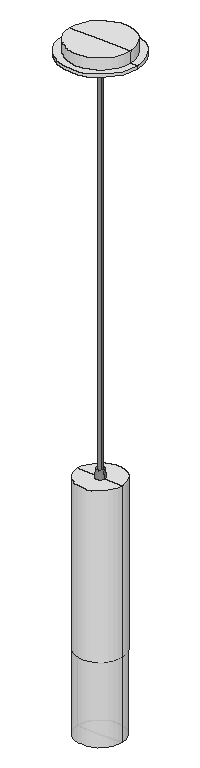
Revit family "3-654-xxx OPUS pendant", category Lighting Fixtures, host Ceiling, Revit 2018
Family settings
  Host = Ceiling
  Round Connector Dimension = Use Diameter
  Part Type = Normal
  OmniClass Number = 23.80.70.11
  OmniClass Title = Luminaries for Internal Lighting
  Always vertical = Yes
  Cut with Voids When Loaded = No
  Light Source = Yes
  Shared = No
  Room Calculation Point = No
Parameters (values of type "3-654-114 / Polished Chrome - Matte Opal Glass")
  Wattage Comments = "6.72 W at 120 V"
  Wattage = 6.72 W
  built-in parameter 1150110 = 1 (stored number, unit not read)
  Voltage = 120 V
  URL = "www.oxygenlighting.com"
  built-in parameter 1114217 = 1 (stored number, unit not read)
  Tilt Angle = 90.00°
  built-in parameter 1150109 = 1 (stored number, unit not read)
  built-in parameter 1150134 = (empty or 0)
  Suspension Length [instance] = 30.00"
  built-in parameter 1150113 = 1 (stored number, unit not read)
  Supplied with = "Supplied with 8 ft of braided cord"  # constant formula
  References = "Ref. 3=120 V / Ref. 37= 277 V"  # constant formula
  Photometric Web File = "3-654-114 Opus Pendant.ies"
  Other 1 = Braided Cord
  Model = "3-654-xxx / 37-654-xxx - OPUS pendant"  # constant formula
  Metal Finish = 14 - Polished Chrome
  Manufacturer = "Oxygen Lighting"  # constant formula
  Main Diffuser = White Opal Glass
  Lumens = 411.936 lm
  built-in parameter 1150115 = 1 (stored number, unit not read)
  built-in parameter 1150105 = 32.781 (stored number, unit not read)
  built-in parameter 1150137 = (empty or 0)
  built-in parameter 1150139 = (empty or 0)
  built-in parameter 1150112 = 1 (stored number, unit not read)
  built-in parameter 1150114 = 1 (stored number, unit not read)
  Lamp = "LED Array"  # constant formula
  Input Voltage = "120 V or 277 V 50/60 Hz"  # constant formula
  built-in parameter 1150132 = (empty or 0)
  built-in parameter 1150102 = (empty or 0)
  built-in parameter 1150138 = (empty or 0)
  built-in parameter 1150107 = 3000 (stored number, unit not read)
  built-in parameter 1150106 = 0.32781 (stored number, unit not read)
  built-in parameter 1150104 = 5.695 (stored number, unit not read)
  Dimming Lamp Color Temperature Shift = <None>
  Color Filter = 16777215
  built-in parameter 1114218 = 1 (stored number, unit not read)
  built-in parameter 1150133 = 10 (stored number, unit not read)
Types (17): name | Wattage Comments | Wattage | Voltage | Photometric Web File | Metal Finish | Main Diffuser | Lumens | built-in parameter 1150105 | built-in parameter 1150106 | built-in parameter 1150104
  (no name) | "6.72 W at 120 V" | 6.72 W | 120 V | "3-654-114 Opus Pendant.ies" | 14 - Polished Chrome | White Opal Glass | 411.936 lm | 32.781 (stored number, unit not read) | 0.32781 (stored number, unit not read) | 5.695 (stored number, unit not read)
  3-654-114 / Polished Chrome - Matte Opal Glass | "6.72 W at 120 V" | 6.72 W | 120 V | "3-654-114 Opus Pendant.ies" | 14 - Polished Chrome | White Opal Glass | 411.936 lm | 32.781 (stored number, unit not read) | 0.32781 (stored number, unit not read) | 5.695 (stored number, unit not read)
  37-654-114 / Polished Chrome - Matte Opal Glass | "6.72 W at 120 V" | 6.72 W | 277 V | "3-654-114 Opus Pendant.ies" | 14 - Polished Chrome | White Opal Glass | 411.936 lm | 32.781 (stored number, unit not read) | 0.32781 (stored number, unit not read) | 5.695 (stored number, unit not read)
  3-654-124 / Satin Nickel - Matte Opal Glass | "6.72 W at 120 V" | 6.72 W | 120 V | "3-654-114 Opus Pendant.ies" | 24 - Satin Nickel | White Opal Glass | 411.936 lm | 32.781 (stored number, unit not read) | 0.32781 (stored number, unit not read) | 5.695 (stored number, unit not read)
  37-654-124 / Satin Nickel - Matte Opal Glass | "6.72 W at 120 V" | 6.72 W | 277 V | "3-654-114 Opus Pendant.ies" | 24 - Satin Nickel | White Opal Glass | 411.936 lm | 32.781 (stored number, unit not read) | 0.32781 (stored number, unit not read) | 5.695 (stored number, unit not read)
  3-654-125 / Satin Cooper - Matte Opal Glass | "6.72 W at 120 V" | 6.72 W | 120 V | "3-654-114 Opus Pendant.ies" | 25 - Satin Copper | White Opal Glass | 411.936 lm | 32.781 (stored number, unit not read) | 0.32781 (stored number, unit not read) | 5.695 (stored number, unit not read)
  37-654-125 / Satin Cooper - Matte Opal Glass | "6.72 W at 120 V" | 6.72 W | 277 V | "3-654-114 Opus Pendant.ies" | 25 - Satin Copper | White Opal Glass | 411.936 lm | 32.781 (stored number, unit not read) | 0.32781 (stored number, unit not read) | 5.695 (stored number, unit not read)
  3-654-140 / Aged Brass - Matte Opal Glass | "6.72 W at 120 V" | 6.72 W | 120 V | "3-654-114 Opus Pendant.ies" | 40 - Aged Brass | White Opal Glass | 411.936 lm | 32.781 (stored number, unit not read) | 0.32781 (stored number, unit not read) | 5.695 (stored number, unit not read)
  37-654-140 / Aged Brass - Matte Opal Glass | "6.72 W at 120 V" | 6.72 W | 277 V | "3-654-114 Opus Pendant.ies" | 40 - Aged Brass | White Opal Glass | 411.936 lm | 32.781 (stored number, unit not read) | 0.32781 (stored number, unit not read) | 5.695 (stored number, unit not read)
  3-654-14 / Polished Chrome - Matte White Acrylic | "6.69 W at 120 V" | 6.69 W | 120 V | "3-654-14 Opus Pendant.ies" | 14 - Polished Chrome | Matte White Acrylic | 398.724 lm | 31.729 (stored number, unit not read) | 0.31729 (stored number, unit not read) | 5.537 (stored number, unit not read)
  37-654-14 / Polished Chrome - Matte White Acrylic | "6.69 W at 120 V" | 6.69 W | 277 V | "3-654-14 Opus Pendant.ies" | 14 - Polished Chrome | Matte White Acrylic | 398.724 lm | 31.729 (stored number, unit not read) | 0.31729 (stored number, unit not read) | 5.537 (stored number, unit not read)
  3-654-24 / Satin Nickel - Matte White Acrylic | "6.69 W at 120 V" | 6.69 W | 120 V | "3-654-14 Opus Pendant.ies" | 24 - Satin Nickel | Matte White Acrylic | 398.724 lm | 31.729 (stored number, unit not read) | 0.31729 (stored number, unit not read) | 5.537 (stored number, unit not read)
  37-654-24 / Satin Nickel - Matte White Acrylic | "6.69 W at 120 V" | 6.69 W | 277 V | "3-654-14 Opus Pendant.ies" | 24 - Satin Nickel | Matte White Acrylic | 398.724 lm | 31.729 (stored number, unit not read) | 0.31729 (stored number, unit not read) | 5.537 (stored number, unit not read)
  3-654-25 / Satin Cooper - Matte White Acrylic | "6.69 W at 120 V" | 6.69 W | 120 V | "3-654-14 Opus Pendant.ies" | 25 - Satin Copper | Matte White Acrylic | 398.724 lm | 31.729 (stored number, unit not read) | 0.31729 (stored number, unit not read) | 5.537 (stored number, unit not read)
  37-654-25 / Satin Cooper - Matte White Acrylic | "6.69 W at 120 V" | 6.69 W | 277 V | "3-654-14 Opus Pendant.ies" | 25 - Satin Copper | Matte White Acrylic | 398.724 lm | 31.729 (stored number, unit not read) | 0.31729 (stored number, unit not read) | 5.537 (stored number, unit not read)
  3-654-40 / Aged Brass - Matte White Acrylic | "6.69 W at 120 V" | 6.69 W | 120 V | "3-654-14 Opus Pendant.ies" | 40 - Aged Brass | Matte White Acrylic | 398.724 lm | 31.729 (stored number, unit not read) | 0.31729 (stored number, unit not read) | 5.537 (stored number, unit not read)
  37-654-40 / Aged Brass - Matte White Acrylic | "6.69 W at 120 V" | 6.69 W | 277 V | "3-654-14 Opus Pendant.ies" | 40 - Aged Brass | Matte White Acrylic | 398.724 lm | 31.729 (stored number, unit not read) | 0.31729 (stored number, unit not read) | 5.537 (stored number, unit not read)
Reference planes (in)
  plane 1 "Light Source Axis (F/B)": y = 0
  plane 2 "Ceiling": z = 96
  plane 3 "Light Source Axis (L/R)": x = 0
  plane 4 "Light Source Elevation": z = 47.4
  plane 5: z = 66
Forms (in)
  Revolve 1, solid, material "14 - Polished Chrome" <- "Metal Finish"
    sketch origin (0, 0, 0) x (1, 0, 0) y (0, 0, 1)
      loop
        line (0, 96) -> (0, 94.98) -> (2.92, 94.98) -> (2.92, 95.19) -> (2.36, 95.19) -> (2.36, 96) -> (0, 96)
      axis (0, 96) -> (0, 94.98)
    angle from 0 to 360
  Revolve 2, solid, material "Braided Cord" <- "Other 1"
    sketch origin (0, 0, 0) x (1, 0, 0) y (0, 0, 1)
      loop
        line (0, 94.98) -> (0, 94.51) -> (0.20216, 94.51) -> (0.28503, 94.98) -> (0, 94.98)
      axis (0, 94.98) -> (0, 94.51)
    angle from 0 to 360
  Revolve 3, solid, material "Braided Cord" <- "Other 1"
    sketch origin (0, 0, 0) x (1, 0, 0) y (0, 0, 1)
      loop
        line (0, 94.51) -> (0, 66) -> (0.14831, 66) -> (0.14831, 94.51) -> (0, 94.51)
      axis (0, 94.51) -> (0, 66)
    angle from 0 to 360
  Revolve 4, solid, material "Braided Cord" <- "Other 1"
    sketch origin (0, 0, -4.75) x (1, 0, 0) y (0, 0, 1)
      loop
        line (0, 70.75) -> (0, 70.15) -> (0.32735, 70.15) -> (0.26444, 70.75) -> (0, 70.75)
      axis (0, 70.75) -> (0, 70.15)
    angle from 0 to 360
  Revolve 5, solid, material "14 - Polished Chrome" <- "Metal Finish"
    sketch origin (0, 0, -4.75) x (1, 0, 0) y (0, 0, 1)
      loop
        line (0, 70.15) -> (0, 58.15) -> (1.74, 58.15) -> (1.74, 70.15) -> (0, 70.15)
      axis (0, 70.15) -> (0, 58.15)
    angle from 0 to 360
  Revolve 6, solid, material "White Opal Glass" <- "Main Diffuser"
    sketch origin (0, 0, -4.75) x (1, 0, 0) y (0, 0, 1)
      loop
        line (0, 58.15) -> (0, 52.15) -> (1.74, 52.15) -> (1.74, 58.15) -> (0, 58.15)
      axis (0, 58.15) -> (0, 52.15)
    angle from 0 to 360
Dimensions and locks (in)
  equal spacing: host sketch curve, plane 3 "Light Source Axis (L/R)", host sketch curve
  equal spacing: host sketch curve, plane 1 "Light Source Axis (F/B)", host sketch curve
  host sketch curve to host sketch curve = 120.00"  (x2)
  locked: Revolve 1 sketch curve to Revolve 1 sketch curve at 0.81
  locked: Revolve 1 sketch curve to Revolve 1 sketch curve at 2.36
  locked: Revolve 1 sketch curve to Revolve 1 sketch curve at 0.21
  locked: Revolve 1 sketch curve to Revolve 1 sketch curve at 0.56
  locked: Revolve 1 to Revolve 2 sketch curve at 0.47
  locked: Revolve 2 sketch curve to plane 3 "Light Source Axis (L/R)" at 0.28503
  Revolve 3 sketch curve to Revolve 3 sketch curve = 0.14831"
  "Suspension Length": plane 2 "Ceiling" to plane 5
  locked: Revolve 4 sketch curve to Revolve 4 sketch curve at 0.6
  locked: Revolve 4 sketch curve to Revolve 4 sketch curve at 0.32735
  locked: plane 5 to Revolve 6 at 18.6
  locked: plane 5 to plane 4 "Light Source Elevation" at 18.6
  aligned and locked: plane 3 "Light Source Axis (L/R)" to imposter light
  aligned and locked: plane 1 "Light Source Axis (F/B)" to imposter light
  aligned and locked: plane 4 "Light Source Elevation" to imposter light
  aligned and locked: Revolve 1 sketch curve to plane 3 "Light Source Axis (L/R)"
  aligned and locked: Revolve 1 sketch curve to plane 2 "Ceiling"
  aligned and locked: Revolve 2 sketch curve to Revolve 1
  aligned and locked: Revolve 2 sketch curve to plane 3 "Light Source Axis (L/R)"
  aligned and locked: Revolve 3 sketch curve to plane 3 "Light Source Axis (L/R)"
  aligned and locked: Revolve 3 sketch curve to Revolve 2
  aligned and locked: plane 3 "Light Source Axis (L/R)" to Revolve 3 sketch curve
  aligned and locked: plane 5 to Revolve 3 sketch curve
  aligned and locked: Revolve 5 sketch curve to Revolve 4
  aligned and locked: Revolve 6 sketch curve to Revolve 5  (x2)
  aligned and locked: Revolve 4 sketch curve to plane 5
Automatic sketch dimensions
  Revolve 1 sketch curve to plane 3 "Light Source Axis (L/R)" = 0.00"
  plane 5 to Revolve 1 sketch curve = 8.19977"
  plane 2 "Ceiling" to Revolve 1 sketch curve = 7.00"
  Revolve 2 sketch curve to plane 3 "Light Source Axis (L/R)" = 0.00"
  plane 3 "Light Source Axis (L/R)" to Revolve 2 sketch curve = 0.20216"
  Revolve 2 sketch curve to level = 12.00"
  plane 2 "Ceiling" to Revolve 2 sketch curve = 12.77302"
  Revolve 3 sketch curve to level = 12.00"
  plane 2 "Ceiling" to Revolve 3 sketch curve = 12.77302"
  Revolve 4 sketch curve to plane 3 "Light Source Axis (L/R)" = 0.00"  (x2)
  Revolve 4 sketch curve to Revolve 4 sketch curve = 0.26444"
  Revolve 4 sketch curve to level = 16.75"
  plane 2 "Ceiling" to Revolve 4 sketch curve = 8.02302"
  Revolve 5 sketch curve to plane 3 "Light Source Axis (L/R)" = 0.00"  (x2)
  plane 3 "Light Source Axis (L/R)" to Revolve 5 sketch curve = 1.74"
  Revolve 5 sketch curve to plane 5 = 12.60"
  Revolve 5 sketch curve to level = 16.75"
  plane 2 "Ceiling" to Revolve 5 sketch curve = 8.02302"
  Revolve 6 sketch curve to plane 3 "Light Source Axis (L/R)" = 0.00"  (x2)
  Revolve 6 sketch curve to Revolve 6 sketch curve = 6.00"
  Revolve 6 sketch curve to level = 16.75"
  plane 2 "Ceiling" to Revolve 6 sketch curve = 8.02302"
Connectors (in)
  electrical at (0, 0, 96), driven by "Voltage"
    settings: on Revolve 1, index 1, voltage 120 V, apparent load 0 VA, apparent load phase1 0 VA, apparent load phase2 0 VA, apparent load phase3 0 VA, power factor 1, load classification "Other", number of poles 1, system type 31, power factor state 1, is connector primary yes, connector utility no, sub classification motor no, connector description ""
